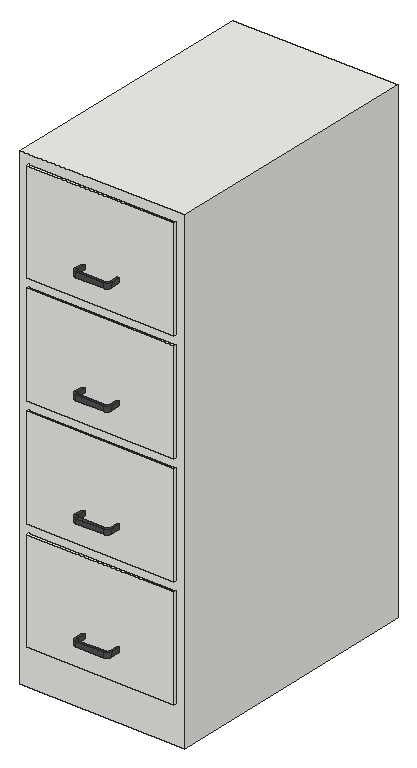
Revit family "M_Armário-Arquivo 4 gavetas", category Mobiliário, Revit 2019
Family settings
  Número OmniClass = 23.40.20.24.24
  Título OmniClass = Filing Cabinets
  ID de item do Seek = Cabinet-File 4 Drawer-0000-CAN-ENU
  Com base no plano de trabalho = Não
  Sempre na vertical = Sim
  Corte com vazios quando carregada = Não
  Compartilhado = Não
  Ponto de cálculo do ambiente = Não
Parameters (values of type "0457 x 0734mm")
  Material do armário = Aço, acabamento de pintura, marfim, com brilho
  Linear = 734.00 mm
  Material do puxador = Aço, Cromo polido
  Altura = 1320.00 mm
  Largura = 457.00 mm
Types (7, lengths in mm): name | Linear | Altura | Largura
  (no name) | 734.00 | 1320.00 | 457.00
  0380 x 0457mm | 457.00 | 1320.00 | 380.00
  0380 x 0635mm | 635.00 | 1320.00 | 380.00
  0380 x 0734mm | 734.00 | 1320.00 | 380.00
  0457 x 0734mm | 734.00 | 1320.00 | 457.00
  0915 x 0380 mm Lat. | 380.00 | 1346.00 | 915.00
  0915 x 0457 mm Lat. | 457.00 | 1346.00 | 915.00
Reference planes
  plane 1 "Centro (Frente/Trás)": y = -142.134
  plane 2: z = 0
  plane 3 "Centro (Esquerda/Direita)": x = -127.896
  plane 4: x = 100.604
  plane 5: x = -356.396
  plane 6: y = 224.866
  plane 7: y = -509.134
  plane 8: z = 1320
  plane 9: y = -515.484
Forms (mm)
  Extrusion 1, solid, material "Aço, acabamento de pintura, marfim, com brilho" <- "Material do armário"
    sketch origin (0, 224.866, 0) x (1, 0, 0) y (0, 0, 1)
      loop
        line (-330.996, 1294.6) -> (-330.996, 1016) -> (75.204, 1016) -> (75.204, 1294.6) -> (-330.996, 1294.6)
      loop
        line (-330.996, 711.2) -> (75.204, 711.2) -> (75.204, 990.6) -> (-330.996, 990.6) -> (-330.996, 711.2)
      loop
        line (-330.996, 685.8) -> (-330.996, 406.4) -> (75.204, 406.4) -> (75.204, 685.8) -> (-330.996, 685.8)
      loop
        line (-330.996, 381) -> (-330.996, 101.6) -> (75.204, 101.6) -> (75.204, 381) -> (-330.996, 381)
    from 734 to 740.35
  Extrusion 2, solid, material "Aço, acabamento de pintura, marfim, com brilho" <- "Material do armário"
    sketch origin (0, 0, 0) x (1, 0, 0) y (0, 1, 0)
      loop
        line (-356.396, 224.866) -> (-356.396, -509.134) -> (100.604, -509.134) -> (100.604, 224.866) -> (-356.396, 224.866)
    from 0 to 1320
  Sweep 3, solid, material "Aço, Cromo polido" <- "Material do puxador"
    path origin (0, 0, 0) x (1, 0, 0) y (0, 1, 0)
      loop
        line (-178.696, -515.484) -> (-178.696, -540.884)
        arc (-178.696, -540.884) -> (-174.977, -549.865) -> (-165.996, -553.584) r 12.7
        line (-165.996, -553.584) -> (-89.796, -553.584)
        arc (-89.796, -553.584) -> (-80.816, -549.865) -> (-77.096, -540.884) r 12.7
        line (-77.096, -540.884) -> (-77.096, -515.484)
    profile origin (0, -528.184, 0) x (1, 0, 0) y (0, 0, 1)
      loop
        line (-178.696, 177.8) -> (-172.346, 177.8) -> (-172.346, 190.5) -> (-178.696, 190.5) -> (-178.696, 177.8)
      loop
        line (-178.696, 482.6) -> (-172.346, 482.6) -> (-172.346, 495.3) -> (-178.696, 495.3) -> (-178.696, 482.6)
      loop
        line (-178.696, 787.4) -> (-172.346, 787.4) -> (-172.346, 800.1) -> (-178.696, 800.1) -> (-178.696, 787.4)
      loop
        line (-178.696, 1092.2) -> (-172.346, 1092.2) -> (-172.346, 1104.9) -> (-178.696, 1104.9) -> (-178.696, 1092.2)
Lines and regions (mm)
  Masking region 1
    outline origin (0, 0, 0) x (1, 0, 0) y (0, 1, 0)
      loop
        line (-356.396, 224.866) -> (-356.396, -509.134) -> (100.604, -509.134) -> (100.604, 224.866) -> (-356.396, 224.866)
  symbolic lines
    curve 1: line (-172.346, -540.884, 0) -> (-172.346, -509.134, 0)
    curve 2: line (-89.796, -547.234, 0) -> (-165.996, -547.234, 0)
    curve 3: line (-83.446, -509.134, 0) -> (-83.446, -540.884, 0)
    curve 4: arc (-89.796, -547.234, 0) -> (-85.306, -545.374, 0) -> (-83.446, -540.884, 0) r 6.35
    curve 5: arc (-172.346, -540.884, 0) -> (-170.487, -545.374, 0) -> (-165.996, -547.234, 0) r 6.35
Dimensions and locks
  equal spacing: plane 5, plane 3 "Centro (Esquerda/Direita)", plane 4
  equal spacing: plane 7, plane 1 "Centro (Frente/Trás)", plane 6
  "Largura": plane 5 to plane 4
  "Linear": plane 7 to plane 6
  "Altura": plane 8 to plane 2
  plane 7 to plane 9 = 6.35 mm
  aligned and locked: plane 7 to Extrusion 1
  aligned and locked: Extrusion 1 to plane 9
  aligned and locked: Extrusion 2 to plane 8
  aligned and locked: Extrusion 2 to level
  aligned and locked: plane 6 to Masking region 1 sketch curve
  aligned and locked: plane 7 to Masking region 1 sketch curve
  aligned and locked: plane 4 to Masking region 1 sketch curve
  aligned and locked: Masking region 1 sketch curve to plane 5
  aligned and locked: curve 1 to Sweep 3
  aligned and locked: curve 2 to Sweep 3
  aligned and locked: curve 3 to Sweep 3
  aligned and locked: plane 7 to curve 1
  aligned and locked: plane 7 to curve 3
Automatic sketch dimensions
  Extrusion 1 sketch curve to plane 5 = 25.40 mm  (x3)
  Extrusion 1 sketch curve to Extrusion 1 sketch curve = 0.00 mm  (x2)
  plane 4 to Extrusion 1 sketch curve = 25.40 mm  (x3)
  level to Extrusion 1 sketch curve = 101.60 mm
  plane 8 to Extrusion 1 sketch curve = 25.40 mm
  Extrusion 1 sketch curve to Extrusion 1 sketch curve = 279.40 mm  (x3)
  Extrusion 1 sketch curve to Extrusion 1 sketch curve = 25.40 mm  (x3)
  Sweep 3 sketch curve to plane 9 = 0.00 mm  (x2)
  plane 9 to Sweep 3 sketch curve = 25.40 mm
  Sweep 3 sketch curve to plane 3 "Centro (Esquerda/Direita)" = 50.80 mm
  Sweep 3 sketch curve to plane 3 "Centro (Esquerda/Direita)" = 38.10 mm
  plane 3 "Centro (Esquerda/Direita)" to Sweep 3 sketch curve = 38.10 mm
  Sweep 3 sketch curve to Sweep 3 sketch curve = 12.70 mm  (x5)
  Sweep 3 sketch curve to profile plane = 0.00 mm  (x4)
  Sweep 3 sketch curve to Sweep 3 sketch curve = 6.35 mm  (x4)
  level to Sweep 3 sketch curve = 177.80 mm
  Sweep 3 sketch curve to Sweep 3 sketch curve = 292.10 mm  (x3)
  Extrusion 2 sketch curve to plane 5 = 0.00 mm
  Extrusion 2 sketch curve to plane 4 = 0.00 mm
  Extrusion 2 sketch curve to plane 7 = 0.00 mm
  Extrusion 2 sketch curve to plane 6 = 0.00 mm
  curve 5 to curve 2 = 6.35 mm
  curve 4 to curve 4 = 6.35 mm
